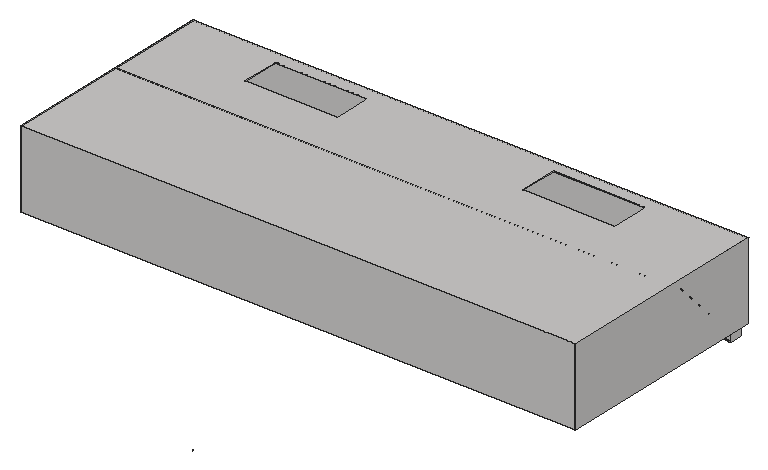
Revit family "QF_ELECTROLUXPROFESSIONAL_642028_EP1436T", category Specialty Equipment, Revit 2014
Reference planes
  plane 1: z = 0
  plane 2 "Center (Left/Right)": x = 150
  plane 3 "LEFT": x = -1650
  plane 4 "RIGHT": x = 1950
  plane 5 "BACK": y = 550
  plane 6 "TOP": z = 2500
  plane 7 "Base": z = 2000
  plane 8: z = 1926
  plane 9 "DrainY": y = 485
  plane 10: x = -1647
  plane 11: through (0, 414.509, 2000.8) normal (0, 0.7314, 0.682)
  plane 12: y = 470
  plane 13: y = 220
  plane 14 "DrainX": x = 1830
  plane 15: x = -450
  plane 16: x = 750
  plane 17: x = -1050
  plane 18: x = 1350
  plane 19: x = 1947
  plane 20: x = 1740
  plane 21: x = 1920
  plane 22: x = -1610
  plane 23: x = -1245
  plane 24: x = -850
  plane 25: x = 1910
  plane 26: x = 1545
  plane 27: x = 1150
  plane 28: x = -47.5
  plane 29: x = 347.5
  plane 30: y = -850
  plane 31: y = -150
Forms (mm)
  Extrusion 1, solid, material "QF_Finishes_Stainless Steel"
    sketch origin (-1650, 0, 360) x (0, 1, 0) y (0, 0, 1)
      loop
        line (550, 1640) -> (550, 2140) -> (-850, 2140) -> (-850, 1640) -> (550, 1640)
    from 0 to 3
  Extrusion 2, solid, material "QF_Finishes_Stainless Steel"
    sketch origin (150, 0, 360) x (0, 1, 0) y (0, 0, 1)
      loop
        line (415.255, 1640) -> (550, 1640) -> (550, 2139.19) -> (549.2, 2139.19) -> (549.2, 1640.8) -> (415.876, 1640.8) -> (339.347, 1722.867) -> (349.609, 1732.436) -> (348.927, 1733.167) -> (337.934, 1722.917) -> (415.255, 1640)
      loop
        line (-82.203, 2139.19) -> (-82.203, 2118.6) -> (-31.047, 2118.6) -> (34.354, 2048.466) -> (46.028, 2059.352) -> (45.346, 2060.083) -> (34.403, 2049.879) -> (-30.612, 2119.6) -> (-81.203, 2119.6) -> (-81.203, 2139.19) -> (-82.203, 2139.19)
    from -1797 to 1797
  Extrusion 3, solid, material "QF_Finishes_Stainless Steel"
    sketch origin (1950, 0, 360) x (0, 1, 0) y (0, 0, 1)
      loop
        line (550, 1640) -> (550, 2140) -> (-850, 2140) -> (-850, 1640) -> (550, 1640)
    from 0 to -3
  Extrusion 4, solid, material "QF_Finishes_Stainless Steel"
    sketch origin (150, 0, 360) x (0, 1, 0) y (0, 0, 1)
      loop
        line (-850, 2140) -> (-850, 1640) -> (-849.2, 1640) -> (-849.2, 2139.19) -> (550, 2139.19) -> (550, 2140) -> (-850, 2140)
    from -1800 to 1800
  Extrusion 5, solid, material "QF_Finishes_Stainless Steel"
    sketch origin (150, 0, 360) x (0, 1, 0) y (0, 0, 1)
      loop
        line (534, 1640) -> (436, 1640) -> (436, 1627) -> (443.5, 1627) -> (443.5, 1576)
        arc (443.5, 1576) -> (446.429, 1568.929) -> (453.5, 1566) r 10
        line (453.5, 1566) -> (516.5, 1566)
        arc (516.5, 1566) -> (523.571, 1568.929) -> (526.5, 1576) r 10
        line (526.5, 1576) -> (526.5, 1627) -> (534, 1627) -> (534, 1640)
    from 1590 to 1770
  Extrusion 6, solid, material "QF_Finishes_Stainless Steel"
    sketch origin (0, 0, 2000) x (0, 1, 0) y (-1, 0, 0)
      loop
        circle (485, -1830) r 20
    from -76 to -74
  Extrusion 7, solid, material "QF_Finished_Chrome"
    sketch origin (150, 0, 360) x (0, 1, 0) y (0, 0, 1)
      loop
        line (337.934, 1722.917) -> (341.591, 1726.327) -> (38.011, 2051.876) -> (34.354, 2048.466) -> (337.934, 1722.917)
    from -1395 to -1760
  Extrusion 8, solid, material "QF_Finished_Chrome"
    sketch origin (150, 0, 360) x (0, 1, 0) y (0, 0, 1)
      loop
        line (337.934, 1722.917) -> (341.591, 1726.327) -> (38.011, 2051.876) -> (34.354, 2048.466) -> (337.934, 1722.917)
    from -197.5 to -1000
  Extrusion 9, solid, material "QF_Finishes_Stainless Steel"
    sketch origin (150, 0, 360) x (0, 1, 0) y (0, 0, 1)
      loop
        line (337.934, 1722.917) -> (341.591, 1726.327) -> (38.011, 2051.876) -> (34.354, 2048.466) -> (337.934, 1722.917)
    from 1797 to 1760
  Extrusion 10, solid, material "QF_Finishes_Stainless Steel"
    sketch origin (150, 0, 360) x (0, 1, 0) y (0, 0, 1)
      loop
        line (341.588, 1726.324) -> (38.009, 2051.874) -> (34.354, 2048.466) -> (337.934, 1722.917) -> (341.588, 1726.324)
    from -1395 to -1000
  Extrusion 11, solid, material "QF_Finished_Chrome"
    sketch origin (150, 0, 360) x (0, 1, 0) y (0, 0, 1)
      loop
        line (341.588, 1726.324) -> (38.009, 2051.874) -> (34.354, 2048.466) -> (337.934, 1722.917) -> (341.588, 1726.324)
    from 1395 to 1760
  Extrusion 12, void
    sketch origin (0, 0, 2500) x (0, 1, 0) y (-1, 0, 0)
      loop
        line (470, 1050) -> (220, 1050) -> (220, 450) -> (470, 450) -> (470, 1050)
    from 0 to -10
  Extrusion 13, void
    sketch origin (940, 0, 2500) x (0, 1, 0) y (-1, 0, 0)
      loop
        line (470, 190) -> (220, 190) -> (220, -410) -> (470, -410) -> (470, 190)
    from 0 to -10
  Extrusion 14, solid, material "QF_Finishes_Stainless Steel"
    sketch origin (0, 0, 0) x (1, 0, 0) y (0, 1, 0)
      loop
        line (-1650, 550) -> (-1650, 549) -> (-1649, 549) -> (-1649, 550) -> (-1650, 550)
    from 0 to 1
  Extrusion 15, solid, material "QF_Finishes_Stainless Steel"
    sketch origin (150, 0, 360) x (0, 1, 0) y (0, 0, 1)
      loop
        line (337.934, 1722.917) -> (341.591, 1726.327) -> (38.011, 2051.876) -> (34.354, 2048.466) -> (337.934, 1722.917)
    from -1760 to -1797
  Extrusion 16, solid, material "QF_Finishes_Stainless Steel"
    sketch origin (150, 0, 360) x (0, 1, 0) y (0, 0, -1)
      loop
        line (341.588, -1726.324) -> (337.934, -1722.917) -> (34.354, -2048.466) -> (38.009, -2051.874) -> (341.588, -1726.324)
    from -1395 to -1000
  Extrusion 17, solid, material "QF_Finished_Chrome"
    sketch origin (150, 0, 360) x (0, 1, 0) y (0, 0, 1)
      loop
        line (337.934, 1722.917) -> (341.591, 1726.327) -> (38.011, 2051.876) -> (34.354, 2048.466) -> (337.934, 1722.917)
    from 1000 to 197.5
  Extrusion 18, solid, material "QF_Finishes_Stainless Steel"
    sketch origin (150, 0, 360) x (0, 1, 0) y (0, 0, -1)
      loop
        line (341.588, -1726.324) -> (337.934, -1722.917) -> (34.354, -2048.466) -> (38.009, -2051.874) -> (341.588, -1726.324)
    from -197.5 to 197.5
Cuts and joins
  Extrusion 12, Extrusion 13 cuts Extrusion 4
  joined: Extrusion 2, Extrusion 4
Lines and regions (mm)
  reference lines
    curve 1: line (150, 34.354, 2408.466) -> (150, 34.354, 2248.466)
  symbolic lines, style "SpecialityEquipment", detail levels coarse
    curve 2: line (1950, 550, 2500) -> (-1650, 550, 2500)
    curve 3: line (-1650, 550, 2500) -> (-1650, -850, 2500)
    curve 4: line (1950, -850, 2500) -> (1950, 550, 2500)
    curve 5: line (-1650, -850, 2500) -> (1950, -850, 2500)
    curve 6: line (-1050, 220, 2500) -> (-450, 220, 2500)
    curve 7: line (-1050, 470, 2500) -> (-1050, 220, 2500)
    curve 8: line (-450, 470, 2500) -> (-1050, 470, 2500)
    curve 9: line (-450, 220, 2500) -> (-450, 470, 2500)
    curve 10: line (750, 470, 2500) -> (750, 220, 2500)
    curve 11: line (750, 220, 2500) -> (1350, 220, 2500)
    curve 12: line (1350, 470, 2500) -> (750, 470, 2500)
    curve 13: line (1350, 220, 2500) -> (1350, 470, 2500)
    curve 14: line (-1650, 550, 0) -> (1950, -850, 0)
    curve 15: line (1950, 550, 0) -> (-1650, -850, 0)
Dimensions and locks
  plane 3 "LEFT" to plane 4 "RIGHT" = 3600 mm
  equal spacing: plane 3 "LEFT", plane 2 "Center (Left/Right)", plane 4 "RIGHT"
  plane 7 "Base" to plane 8 = 74 mm
  plane 5 "BACK" to plane 9 "DrainY" = 65 mm  (x2)
  plane 3 "LEFT" to plane 10 = 3 mm
  plane 5 "BACK" to plane 12 = 80 mm
  plane 12 to plane 13 = 250 mm  (x2)
  plane 14 "DrainX" to plane 4 "RIGHT" = 120 mm
  locked: plane 15 to plane 16 at 1200
  equal spacing: plane 15, plane 2 "Center (Left/Right)", plane 16
  plane 17 to plane 15 = 600 mm
  plane 16 to plane 18 = 600 mm
  plane 19 to plane 4 "RIGHT" = 3 mm
  locked: plane 20 to plane 14 "DrainX" at 90
  locked: plane 14 "DrainX" to plane 21 at 90
  plane 12 to plane 5 "BACK" = 80 mm
  locked: plane 3 "LEFT" to plane 22 at 40
  locked: plane 22 to plane 23 at 365
  locked: plane 23 to plane 24 at 395
  locked: plane 25 to plane 26 at 365
  locked: plane 26 to plane 27 at 395
  locked: plane 25 to plane 4 "RIGHT" at 40
  locked: plane 28 to plane 29 at 395
  equal spacing: plane 28, plane 2 "Center (Left/Right)", plane 29
  plane 24 to plane 28 = 802.5 mm
  plane 29 to plane 27 = 802.5 mm
  locked: plane 7 "Base" to level at 2000
  locked: plane 6 "TOP" to plane 7 "Base" at 500
  plane 5 "BACK" to plane 30 = 1400 mm  (x2)
  equal spacing: plane 5 "BACK", plane 31, plane 30
  aligned and locked: level to plane 1
  aligned and locked: Extrusion 2 to Extrusion 1
  aligned and locked: Extrusion 2 to Extrusion 3
  aligned and locked: plane 4 "RIGHT" to Extrusion 4
  aligned and locked: Extrusion 4 to plane 3 "LEFT"
  aligned and locked: plane 19 to Extrusion 9
  aligned and locked: plane 17 to Extrusion 12
  aligned and locked: Extrusion 12 to plane 15
  aligned and locked: Extrusion 12 to plane 13
  aligned and locked: Extrusion 12 to plane 12
  aligned and locked: Extrusion 13 to plane 18
  aligned and locked: plane 16 to Extrusion 13
  aligned and locked: Extrusion 2 to Extrusion 4
  aligned and locked: plane 21 to Extrusion 5
  aligned and locked: Extrusion 5 to plane 20
  aligned and locked: Extrusion 9 to plane 25
  aligned and locked: Extrusion 11 to plane 25
  aligned and locked: Extrusion 11 to plane 26
  aligned and locked: Extrusion 8 to plane 24
  aligned and locked: plane 24 to Extrusion 10
  aligned and locked: Extrusion 10 to plane 23
  aligned and locked: plane 23 to Extrusion 7
  aligned and locked: Extrusion 7 to plane 22
  aligned and locked: Extrusion 15 to plane 10
  aligned and locked: plane 22 to Extrusion 15
  aligned and locked: Extrusion 16 to plane 27
  aligned and locked: Extrusion 16 to plane 26
  aligned and locked: Extrusion 3 to plane 19
  aligned and locked: plane 28 to Extrusion 8
  aligned and locked: Extrusion 17 to plane 27
  aligned and locked: Extrusion 17 to plane 29
  aligned and locked: plane 29 to Extrusion 18
  aligned and locked: Extrusion 18 to plane 28
Automatic sketch dimensions
  Extrusion 1 sketch curve to plane 7 "Base" = 0 mm
  Extrusion 1 sketch curve to plane 5 "BACK" = 0 mm
  Extrusion 1 sketch curve to plane 6 "TOP" = 0 mm
  Extrusion 2 sketch curve to plane 11 = 0 mm  (x3)
  Extrusion 2 sketch curve to plane 7 "Base" = 0 mm
  plane 11 to Extrusion 2 sketch curve = 0 mm
  Extrusion 2 sketch curve to plane 5 "BACK" = 0 mm
  Extrusion 2 sketch curve to Extrusion 2 sketch curve = 65.646 mm
  Extrusion 2 sketch curve to Extrusion 2 sketch curve = 0.682 mm  (x2)
  Extrusion 2 sketch curve to Extrusion 2 sketch curve = 10.261 mm
  plane 7 "Base" to Extrusion 2 sketch curve = 82.917 mm
  Extrusion 2 sketch curve to Extrusion 2 sketch curve = 10.942 mm
  Extrusion 2 sketch curve to Extrusion 2 sketch curve = 0.049 mm
  Extrusion 2 sketch curve to plane 6 "TOP" = 20.4 mm
  Extrusion 2 sketch curve to plane 6 "TOP" = 21.4 mm
  Extrusion 2 sketch curve to plane 6 "TOP" = 0.81 mm  (x2)
  Extrusion 2 sketch curve to Extrusion 2 sketch curve = 50.156 mm
  Extrusion 2 sketch curve to Extrusion 2 sketch curve = 1 mm
  plane 7 "Base" to Extrusion 2 sketch curve = 0.8 mm
  Extrusion 2 sketch curve to plane 5 "BACK" = 0.8 mm
  Extrusion 3 sketch curve to plane 7 "Base" = 0 mm
  Extrusion 3 sketch curve to plane 5 "BACK" = 0 mm
  Extrusion 3 sketch curve to plane 6 "TOP" = 0 mm
  Extrusion 4 sketch curve to plane 5 "BACK" = 0 mm
  Extrusion 4 sketch curve to plane 6 "TOP" = 0 mm
  Extrusion 4 sketch curve to plane 6 "TOP" = 0.81 mm
  curve 1 to plane 11 = 0 mm
  Extrusion 5 sketch curve to plane 7 "Base" = 0 mm
  Extrusion 5 sketch curve to plane 8 = 0 mm
  Extrusion 5 sketch curve to plane 7 "Base" = 13 mm  (x2)
  plane 12 to Extrusion 5 sketch curve = 34 mm
  Extrusion 5 sketch curve to Extrusion 5 sketch curve = 7.5 mm  (x2)
  Extrusion 5 sketch curve to Extrusion 5 sketch curve = 10 mm
  plane 9 "DrainY" to Extrusion 5 sketch curve = 31.5 mm
  Extrusion 5 sketch curve to plane 5 "BACK" = 23.5 mm
  Extrusion 6 sketch curve to plane 9 "DrainY" = 0 mm
  Extrusion 6 sketch curve to plane 14 "DrainX" = 0 mm
  Extrusion 7 sketch curve to plane 11 = 0 mm  (x2)
  Extrusion 7 sketch curve to Extrusion 7 sketch curve = 3.657 mm
  plane 7 "Base" to Extrusion 7 sketch curve = 82.917 mm
  Extrusion 8 sketch curve to plane 11 = 0 mm  (x2)
  Extrusion 8 sketch curve to Extrusion 8 sketch curve = 3.657 mm
  plane 7 "Base" to Extrusion 8 sketch curve = 82.917 mm
  Extrusion 9 sketch curve to plane 11 = 0 mm  (x2)
  Extrusion 9 sketch curve to Extrusion 9 sketch curve = 3.657 mm
  plane 7 "Base" to Extrusion 9 sketch curve = 82.917 mm
  Extrusion 10 sketch curve to plane 11 = 0 mm  (x2)
  Extrusion 10 sketch curve to Extrusion 10 sketch curve = 3.655 mm
  plane 7 "Base" to Extrusion 10 sketch curve = 82.917 mm
  Extrusion 11 sketch curve to plane 11 = 0 mm  (x2)
  Extrusion 11 sketch curve to Extrusion 11 sketch curve = 3.655 mm
  plane 7 "Base" to Extrusion 11 sketch curve = 82.917 mm
  Extrusion 12 sketch curve to plane 13 = 0 mm
  plane 12 to Extrusion 12 sketch curve = 0 mm
  Extrusion 12 sketch curve to plane 15 = 0 mm
  Extrusion 12 sketch curve to plane 17 = 0 mm
  Extrusion 13 sketch curve to plane 13 = 0 mm
  plane 12 to Extrusion 13 sketch curve = 0 mm
  Extrusion 13 sketch curve to plane 18 = 0 mm
  Extrusion 13 sketch curve to plane 16 = 0 mm
  Extrusion 14 sketch curve to plane 3 "LEFT" = 0 mm
  Extrusion 14 sketch curve to plane 5 "BACK" = 0 mm
  plane 3 "LEFT" to Extrusion 14 sketch curve = 1 mm
  Extrusion 14 sketch curve to Extrusion 14 sketch curve = 1 mm
  Extrusion 15 sketch curve to plane 11 = 0 mm  (x2)
  Extrusion 15 sketch curve to Extrusion 15 sketch curve = 3.657 mm
  plane 7 "Base" to Extrusion 15 sketch curve = 82.917 mm
  Extrusion 16 sketch curve to plane 11 = 0 mm  (x2)
  Extrusion 16 sketch curve to Extrusion 16 sketch curve = 3.655 mm
  plane 7 "Base" to Extrusion 16 sketch curve = 82.917 mm
  Extrusion 17 sketch curve to plane 11 = 0 mm  (x2)
  Extrusion 17 sketch curve to Extrusion 17 sketch curve = 3.657 mm
  plane 7 "Base" to Extrusion 17 sketch curve = 82.917 mm
  Extrusion 18 sketch curve to plane 11 = 0 mm  (x2)
  Extrusion 18 sketch curve to Extrusion 18 sketch curve = 3.655 mm
  plane 7 "Base" to Extrusion 18 sketch curve = 82.917 mm
  Extrusion 4 sketch curve to Extrusion 4 sketch curve = 499.19 mm
  curve 1 to curve 1 = 160 mm
  curve 5 to plane 3 "LEFT" = 0 mm
  curve 4 to plane 4 "RIGHT" = 0 mm
  curve 9 to plane 13 = 0 mm
  curve 10 to plane 13 = 0 mm
  plane 12 to curve 8 = 0 mm
  plane 12 to curve 12 = 0 mm
  curve 3 to plane 5 "BACK" = 0 mm
  curve 11 to plane 18 = 0 mm
  curve 10 to plane 16 = 0 mm
  curve 6 to plane 15 = 0 mm
  curve 6 to plane 17 = 0 mm
  Extrusion 4 sketch curve to Extrusion 4 sketch curve = 0.8 mm
  curve 5 to plane 13 = 1070 mm
  Extrusion 1 sketch curve to plane 13 = 1070 mm
  Extrusion 2 sketch curve to plane 6 "TOP" = 91.534 mm
  Extrusion 3 sketch curve to plane 13 = 1070 mm
  Extrusion 4 sketch curve to plane 13 = 1069.2 mm
  curve 1 to plane 13 = 185.646 mm
  Extrusion 7 sketch curve to plane 6 "TOP" = 88.124 mm
  Extrusion 8 sketch curve to plane 6 "TOP" = 88.124 mm
  Extrusion 9 sketch curve to plane 6 "TOP" = 88.124 mm
  Extrusion 10 sketch curve to plane 6 "TOP" = 88.126 mm
  Extrusion 11 sketch curve to plane 6 "TOP" = 88.126 mm
  Extrusion 15 sketch curve to plane 6 "TOP" = 88.124 mm
  Extrusion 16 sketch curve to plane 6 "TOP" = 88.126 mm
  Extrusion 17 sketch curve to plane 6 "TOP" = 88.124 mm
  Extrusion 18 sketch curve to plane 6 "TOP" = 88.126 mm
  curve 15 to plane 3 "LEFT" = 0 mm
  curve 14 to plane 3 "LEFT" = 0 mm
  curve 15 to plane 4 "RIGHT" = 0 mm
  curve 14 to plane 4 "RIGHT" = 0 mm
  curve 14 to plane 30 = 0 mm
  curve 15 to plane 30 = 0 mm
  curve 15 to plane 5 "BACK" = 0 mm
  curve 14 to plane 5 "BACK" = 0 mm
  radius of Extrusion 6 sketch curve = 20 mm
Connectors
  piping at (1830, 485, 1924), diameter 20
    settings: on Extrusion 6, index 1, connector inside diameter 609.6 mm, connector length 0 mm, flow factor 0, pipe flow 0.0 L/s, pressure drop 0.0 Pa, fitting loss kfactor 0, connector angle 0.00°, fixture units 0, engagement length 0 mm, angle of deflection 0.00°, flow configuration 1, flow direction 2, fitting loss method 0, system type 16, joint type 0, gender type 0, connector reference index -1, connector utility 0, adjustable connector no, is connector primary yes, connector description "Drain"
  hvac at (-750, 345, 2500)
    settings: on Extrusion 12, index 2, duct flow 0.0 L/s, flow factor 0, pres drop 0.0 Pa, loss coef 0, conn angle 0.00°, conn width 250 mm, conn height 600 mm, conn diameter 609.6 mm, duct sys type 3, conn prof type 1, flow config 1, flow direction 0, loss method 0, conn ref index -1, conn util no, is conn primary yes, conn desc "EXHAUST OUTLET"
  hvac at (1050, 345, 2500)
    settings: on Extrusion 13, index 3, duct flow 0.0 L/s, flow factor 0, pres drop 0.0 Pa, loss coef 0, conn angle 0.00°, conn width 250 mm, conn height 600 mm, conn diameter 609.6 mm, duct sys type 3, conn prof type 1, flow config 1, flow direction 0, loss method 0, conn ref index -1, conn util no, is conn primary no, conn desc "EXHAUST OUTLET"
